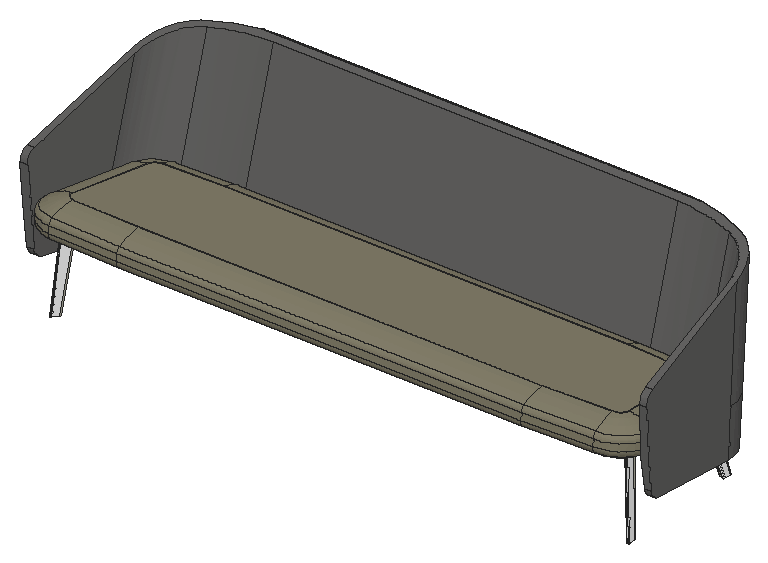
Revit family "Seating-Lounge-Teknion-STRC_Cover-R2013", category Furniture, Revit 2013
Parameters (values of type "Sofa")
  Width = 90.78125"
  Warranty = "http://www.teknionstudio.com/pdfs/Teknion%20Studio%20Warranty.pdf"
  Unit Weight = 240.00 lbf
  URL = "www.teknionstudio.com"
  Series = "Studio"
  Seat Upholstery Finish [instance] = Fabric - Teknion - H517 - Heather Felt - Mustard Seed
  Product Line = "Cover"
  Product Documentation Link = "http://www.teknionstudio.com/pricing/STRC_ppg.pdf"
  Part Number = "STRC"
  Model = "STRCC"
  Manufacturer Phone = "919-464-2920"
  Manufacturer Fax = "919-464-2927"
  Manufacturer Email = "customersupport@teknionstudio.com"
  Manufacturer Address = "3941 US 70 Business HWY West, Clayton, NC 27520"
  Manufacturer = "Teknion Studio"
  Low Emitting Material = yes
  Low Emitting Finish = yes
  Height = 29.600"
  Frame Finish [instance] = Metal - Teknion - C9 - Polished Aluminum
  Description = "Cover Sofa"
  Depth = 29.600"  # constant formula
  Back Upholstery Finish [instance] = Fabric - Teknion - H513 - Heather Felt - Pinon Tree
  Assembly Code = "E2020200"
Reference planes (in)
  plane 1 "Center F/B": y = 0
  plane 2: z = 0
  plane 3 "Center L/R": x = 0
  plane 4 "Top": z = 29.6
  plane 5: z = -0.03378
  plane 6: z = 0.19997
  plane 7 "Back": y = 16.11125
  plane 8 "Front": y = -13.48875
  plane 9: z = 12.39769
  plane 10: z = 10.50954
  plane 11 "Center Sloped Plane": through (0, -10.80954, 12.8858) normal (0, 0.0872, 0.9962)
  plane 12 "Left": x = -45.39063
  plane 13 "Right": x = 45.39062
  plane 14 "Top Sloped Plane": through (0, 38.1924, 27.67127) normal (0, 0.0872, 0.9962)
  plane 15 "Bottom Sloped Plane": through (0, 36.74931, 1.19629) normal (0, 0.0872, 0.9962)
  plane 16: x = -29.25
  plane 17: x = 29.25
  plane 18: y = -15.87481
  plane 19: y = -8.83784
  plane 20: x = -29.25
  plane 21: x = 29.25
  plane 22: y = -21.44003
  plane 23: y = -10.16342
  plane 24: x = -29.25
  plane 25: x = 29.25
  plane 26: y = -17.72364
  plane 27: y = -10.68667
  plane 28: y = -21.44003
  plane 29: y = -10.16342
  plane 30: x = -29.25
  plane 31: x = 29.25
  plane 32: y = 123.73263
  plane 33: y = -90.83311
  plane 34: x = 29.25
  plane 35: x = -29.25
Forms (in)
  Sweep 1, solid, material "Fabric - Teknion - H517 - Heather Felt - Mustard Seed" <- "Seat Upholstery Finish"
    path origin (0, -1.72803, 15.73813) x (-1, 0, 0) y (0, -0.996195, 0.087156)
      loop
        arc (-29.25, 7.67299) -> (-34.17855, 7.58206) -> (-39.10038, 7.3094) r 133.61289
        arc (-39.10038, 7.3094) -> (-39.96659, 6.86532) -> (-40.25164, 5.93459) r 1.25
        line (-40.25164, 5.93459) -> (-39.00325, -6.17276)
        arc (-39.00325, -6.17276) -> (-38.63758, -6.93454) -> (-37.8708, -7.28962) r 1.25
        arc (-37.8708, -7.28962) -> (-33.56466, -7.5771) -> (-29.25, -7.67299) r 97.11843
        line (-29.25, -7.67299) -> (29.25, -7.67299)
        arc (29.25, -7.67299) -> (33.56466, -7.5771) -> (37.8708, -7.28962) r 97.11843
        arc (37.8708, -7.28962) -> (38.63758, -6.93454) -> (39.00325, -6.17276) r 1.25
        line (39.00325, -6.17276) -> (40.25164, 5.93459)
        arc (40.25164, 5.93459) -> (39.96659, 6.86532) -> (39.10038, 7.3094) r 1.25
        arc (39.10038, 7.3094) -> (34.17855, 7.58206) -> (29.25, 7.67299) r 133.61289
        line (29.25, 7.67299) -> (-29.25, 7.67299)
    profile origin (0, -9.37183, 16.40687) x (0, -0.996195, 0.087156) y (0, 0.087156, 0.996195)
      loop
        line (0, -0.51075) -> (0, -5.76374)
        arc (0, -5.76374) -> (1.74056, -5.29495) -> (3.33882, -4.46134) r 8.29794
        arc (3.33882, -4.46134) -> (3.66485, -4.10133) -> (3.7828, -3.63017) r 1
        line (3.7828, -3.63017) -> (3.7828, -2.6428)
        arc (3.7828, -2.6428) -> (3.66474, -2.17142) -> (3.33841, -1.81135) r 1
        arc (3.33841, -1.81135) -> (1.74024, -0.97872) -> (0, -0.51075) r 8.29794
  Sweep 2, solid, material "Fabric - Teknion - H517 - Heather Felt - Mustard Seed" <- "Seat Upholstery Finish"
    path origin (0, -2.18789, -1.07314) x (1, 0, 0) y (0, 0.087156, 0.996195)
      loop
        line (0, 16.27662) -> (0, 11.02362)
    profile origin (0, -0.99821, 12.52504) x (1, 0, 0) y (0, -0.996195, 0.087156)
      loop
        arc (29.25, -6.6659) -> (33.56466, -6.57001) -> (37.8708, -6.28253) r 97.11843
        arc (37.8708, -6.28253) -> (38.63758, -5.92745) -> (39.00325, -5.16567) r 1.25
        line (39.00325, -5.16567) -> (40.25164, 6.94168)
        arc (40.25164, 6.94168) -> (39.96659, 7.87241) -> (39.10038, 8.31649) r 1.25
        arc (39.10038, 8.31649) -> (34.17855, 8.58915) -> (29.25, 8.68008) r 133.61289
        line (29.25, 8.68008) -> (-29.25, 8.68008)
        arc (-29.25, 8.68008) -> (-34.17855, 8.58915) -> (-39.10038, 8.31649) r 133.61289
        arc (-39.10038, 8.31649) -> (-39.96659, 7.87241) -> (-40.25164, 6.94168) r 1.25
        line (-40.25164, 6.94168) -> (-39.00325, -5.16567)
        arc (-39.00325, -5.16567) -> (-38.63758, -5.92745) -> (-37.8708, -6.28253) r 1.25
        arc (-37.8708, -6.28253) -> (-33.56466, -6.57001) -> (-29.25, -6.6659) r 97.11843
        line (-29.25, -6.6659) -> (29.25, -6.6659)
  Blend 3, solid, material "Metal - Teknion - C9 - Polished Aluminum" <- "Frame Finish"
    base sketch origin (0, 0, 29.6) x (-1, 0, 0) y (0, -1, 0)
      loop
        arc (40.20636, -8.93889) -> (40.13707, -9.01477) -> (40.1561, -9.11575) r 0.115
        line (40.1561, -9.11575) -> (40.72391, -9.86361)
        arc (40.72391, -9.86361) -> (40.78433, -9.90482) -> (40.85738, -9.90137) r 0.11526
        line (40.85738, -9.90137) -> (40.9759, -9.85541)
        arc (40.9759, -9.85541) -> (41.03247, -9.80811) -> (41.04868, -9.73617) r 0.115
        line (41.04868, -9.73617) -> (40.95106, -8.80738)
        arc (40.95106, -8.80738) -> (40.89672, -8.72131) -> (40.79536, -8.71208) r 0.115
        line (40.79536, -8.71208) -> (40.20636, -8.93889)
    top sketch origin (0, 0, 29.6) x (-1, 0, 0) y (0, -1, 0)
      loop
        arc (39.68301, -5.78986) -> (39.61214, -5.6776) -> (39.47993, -5.66556) r 0.15
        line (39.47993, -5.66556) -> (38.69931, -5.96617)
        arc (38.69931, -5.96617) -> (38.60893, -6.06514) -> (38.63374, -6.19685) r 0.15
        line (38.63374, -6.19685) -> (39.49234, -7.3277)
        arc (39.49234, -7.3277) -> (39.57097, -7.38133) -> (39.66605, -7.37684) r 0.15
        line (39.66605, -7.37684) -> (39.73569, -7.34983)
        arc (39.73569, -7.34983) -> (39.80948, -7.28813) -> (39.83062, -7.1943) r 0.15
        line (39.83062, -7.1943) -> (39.68301, -5.78986)
    from -29.6 to -19.09046
  SweptBlend 4, solid, material "Fabric - Teknion - H513 - Heather Felt - Pinon Tree" <- "Back Upholstery Finish"
    path origin (0, 0, 0) x (0, 1, 0) y (0, 0, 1)
      loop
        line (16.13827, 29.60075) -> (14.8127, 10.64415)
    profile origin (0, 16.13827, 29.60075) x (0, 0.997564, -0.069756) y (1, 0, 0)
      loop
        line (-26.99251, -45.4227) -> (-8.1595, -43.56759)
        arc (-8.1595, -43.56759) -> (-4.45353, -42.14738) -> (-1.99119, -39.03481) r 7.5
        arc (-1.99119, -39.03481) -> (-0.50285, -34.24268) -> (0, -29.25) r 25.0371
        line (0, -29.25) -> (0, 29.25)
        arc (0, 29.25) -> (-0.50285, 34.24268) -> (-1.99119, 39.03481) r 25.0371
        arc (-1.99119, 39.03481) -> (-4.45353, 42.14738) -> (-8.1595, 43.56759) r 7.5
        line (-8.1595, 43.56759) -> (-26.99251, 45.4227) -> (-26.99251, 44.66183) -> (-8.39843, 42.83026)
        arc (-8.39843, 42.83026) -> (-4.60449, 41.24248) -> (-2.35711, 37.79801) r 7
        arc (-2.35711, 37.79801) -> (-1.45536, 33.56622) -> (-1.1528, 29.25) r 30.93845
        line (-1.1528, 29.25) -> (-1.1528, -29.25)
        arc (-1.1528, -29.25) -> (-1.45536, -33.56622) -> (-2.35711, -37.79801) r 30.93845
        arc (-2.35711, -37.79801) -> (-4.60449, -41.24248) -> (-8.39843, -42.83026) r 7
        line (-8.39843, -42.83026) -> (-26.99251, -44.66183) -> (-26.99251, -45.4227)
    end profile origin (0, 14.8127, 10.64415) x (0, 0.997564, -0.069756) y (1, 0, 0)
      loop
        line (-26.99251, -45.4227) -> (-8.1595, -43.56759)
        arc (-8.1595, -43.56759) -> (-4.45353, -42.14738) -> (-1.99119, -39.03481) r 7.5
        arc (-1.99119, -39.03481) -> (-0.50285, -34.24268) -> (0, -29.25) r 25.0371
        line (0, -29.25) -> (0, 29.25)
        arc (0, 29.25) -> (-0.50285, 34.24268) -> (-1.99119, 39.03481) r 25.0371
        arc (-1.99119, 39.03481) -> (-4.45353, 42.14738) -> (-8.1595, 43.56759) r 7.5
        line (-8.1595, 43.56759) -> (-26.99251, 45.4227) -> (-26.99251, 44.2432) -> (-12.64843, 42.83026)
        arc (-12.64843, 42.83026) -> (-8.85449, 41.24248) -> (-6.60711, 37.79801) r 7
        arc (-6.60711, 37.79801) -> (-5.70536, 33.56622) -> (-5.4028, 29.25) r 30.93845
        line (-5.4028, 29.25) -> (-5.4028, -29.25)
        arc (-5.4028, -29.25) -> (-5.70536, -33.56622) -> (-6.60711, -37.79801) r 30.93845
        arc (-6.60711, -37.79801) -> (-8.85449, -41.24248) -> (-12.64843, -42.83026) r 7
        line (-12.64843, -42.83026) -> (-26.99251, -44.2432) -> (-26.99251, -45.4227)
  SweptBlend 5, solid, material "Fabric - Teknion - H513 - Heather Felt - Pinon Tree" <- "Back Upholstery Finish"
    path origin (0, 0, 0) x (0, 1, 0) y (0, 0, 1)
      loop
        line (14.8127, 10.64415) -> (14.28945, 3.16128)
    profile origin (0, 14.8127, 10.64415) x (0, 0.997564, -0.069756) y (1, 0, 0)
      loop
        line (-5.4028, 29.25) -> (-5.4028, -29.25)
        arc (-5.4028, -29.25) -> (-5.70536, -33.56622) -> (-6.60711, -37.79801) r 30.93845
        arc (-6.60711, -37.79801) -> (-8.85449, -41.24248) -> (-12.64843, -42.83026) r 7
        line (-12.64843, -42.83026) -> (-25.20152, -44.06678) -> (-25.20152, -45.24629) -> (-8.1595, -43.56759)
        arc (-8.1595, -43.56759) -> (-4.45353, -42.14738) -> (-1.99119, -39.03481) r 7.5
        arc (-1.99119, -39.03481) -> (-0.50285, -34.24268) -> (0, -29.25) r 25.0371
        line (0, -29.25) -> (0, 29.25)
        arc (0, 29.25) -> (-0.50285, 34.24268) -> (-1.99119, 39.03481) r 25.0371
        arc (-1.99119, 39.03481) -> (-4.45353, 42.14738) -> (-8.1595, 43.56759) r 7.5
        line (-8.1595, 43.56759) -> (-25.20152, 45.24629) -> (-25.20152, 44.06678) -> (-12.64843, 42.83026)
        arc (-12.64843, 42.83026) -> (-8.85449, 41.24248) -> (-6.60711, 37.79801) r 7
        arc (-6.60711, 37.79801) -> (-5.70536, 33.56622) -> (-5.4028, 29.25) r 30.93845
    end profile origin (0, 14.28945, 3.16128) x (0, 0.997564, -0.069756) y (1, 0, 0)
      loop
        line (-26.99251, -44.66183) -> (-26.99251, -45.4227) -> (-8.1595, -43.56759)
        arc (-8.1595, -43.56759) -> (-4.45353, -42.14738) -> (-1.99119, -39.03481) r 7.5
        arc (-1.99119, -39.03481) -> (-0.50285, -34.24268) -> (0, -29.25) r 25.0371
        line (0, -29.25) -> (0, 29.25)
        arc (0, 29.25) -> (-0.50285, 34.24268) -> (-1.99119, 39.03481) r 25.0371
        arc (-1.99119, 39.03481) -> (-4.45353, 42.14738) -> (-8.1595, 43.56759) r 7.5
        line (-8.1595, 43.56759) -> (-26.99251, 45.4227) -> (-26.99251, 44.66183) -> (-8.39843, 42.83026)
        arc (-8.39843, 42.83026) -> (-4.60449, 41.24248) -> (-2.35711, 37.79801) r 7
        arc (-2.35711, 37.79801) -> (-1.45536, 33.56622) -> (-1.1528, 29.25) r 30.93845
        line (-1.1528, 29.25) -> (-1.1528, -29.25)
        arc (-1.1528, -29.25) -> (-1.45536, -33.56622) -> (-2.35711, -37.79801) r 30.93845
        arc (-2.35711, -37.79801) -> (-4.60449, -41.24248) -> (-8.39843, -42.83026) r 7
        line (-8.39843, -42.83026) -> (-26.99251, -44.66183)
  Sweep 6, void
    path origin (0, 0, 0) x (1, 0, 0) y (0, 1, 0)
      loop
        line (-48.33893, 0) -> (48.33893, 0)
    profile origin (0, 0, 0) x (0, 1, 0) y (0, 0, 1)
      loop
        line (16.11125, 29.64263) -> (16.11125, 31.96622) -> (-13.75, 31.96622) -> (-13.75, -0.03378) -> (16.11125, -0.03378) -> (16.11125, 3.0551) -> (-8.26774, 6.48135)
        arc (-8.26774, 6.48135) -> (-9.25297, 6.96829) -> (-9.75359, 7.94664) r 1.75
        arc (-9.75359, 7.94664) -> (-10.44354, 13.61127) -> (-10.76569, 19.30866) r 88.19034
        arc (-10.76569, 19.30866) -> (-10.44937, 20.35513) -> (-9.57374, 21.00968) r 1.75
        line (-9.57374, 21.00968) -> (16.11125, 29.64263)
  Blend 7, solid, material "Metal - Teknion - C9 - Polished Aluminum" <- "Frame Finish"
    base sketch origin (0, 0, 29.6) x (1, 0, 0) y (0, 1, 0)
      loop
        line (40.20636, 8.93889) -> (40.79536, 8.71208)
        arc (40.79536, 8.71208) -> (40.89672, 8.72131) -> (40.95106, 8.80738) r 0.115
        line (40.95106, 8.80738) -> (41.04868, 9.73617)
        arc (41.04868, 9.73617) -> (41.03247, 9.80811) -> (40.9759, 9.85541) r 0.115
        line (40.9759, 9.85541) -> (40.85738, 9.90137)
        arc (40.85738, 9.90137) -> (40.78433, 9.90482) -> (40.72391, 9.86361) r 0.11526
        line (40.72391, 9.86361) -> (40.1561, 9.11575)
        arc (40.1561, 9.11575) -> (40.13707, 9.01477) -> (40.20636, 8.93889) r 0.115
    top sketch origin (0, 0, 29.6) x (1, 0, 0) y (0, 1, 0)
      loop
        line (39.68301, 5.78986) -> (39.83062, 7.1943)
        arc (39.83062, 7.1943) -> (39.80948, 7.28813) -> (39.73569, 7.34983) r 0.15
        line (39.73569, 7.34983) -> (39.66605, 7.37684)
        arc (39.66605, 7.37684) -> (39.57097, 7.38133) -> (39.49234, 7.3277) r 0.15
        line (39.49234, 7.3277) -> (38.63374, 6.19685)
        arc (38.63374, 6.19685) -> (38.60893, 6.06514) -> (38.69931, 5.96617) r 0.15
        line (38.69931, 5.96617) -> (39.47993, 5.66556)
        arc (39.47993, 5.66556) -> (39.61214, 5.6776) -> (39.68301, 5.78986) r 0.15
    from -29.6 to -19.09046
  Blend 8, solid, material "Metal - Teknion - C9 - Polished Aluminum" <- "Frame Finish"
    base sketch origin (0, 0, 29.6) x (-1, 0, 0) y (0, -1, 0)
      loop
        line (41.11261, 8.81389) -> (41.70161, 8.58708)
        arc (41.70161, 8.58708) -> (41.80297, 8.59631) -> (41.85731, 8.68238) r 0.115
        line (41.85731, 8.68238) -> (41.95493, 9.61117)
        arc (41.95493, 9.61117) -> (41.93872, 9.68311) -> (41.88215, 9.73041) r 0.115
        line (41.88215, 9.73041) -> (41.76363, 9.77637)
        arc (41.76363, 9.77637) -> (41.69058, 9.77982) -> (41.63016, 9.73861) r 0.11526
        line (41.63016, 9.73861) -> (41.06235, 8.99075)
        arc (41.06235, 8.99075) -> (41.04332, 8.88977) -> (41.11261, 8.81389) r 0.115
    top sketch origin (0, 0, 29.6) x (-1, 0, 0) y (0, -1, 0)
      loop
        line (40.71426, 7.28986) -> (40.86187, 8.6943)
        arc (40.86187, 8.6943) -> (40.84073, 8.78813) -> (40.76694, 8.84983) r 0.15
        line (40.76694, 8.84983) -> (40.6973, 8.87684)
        arc (40.6973, 8.87684) -> (40.60222, 8.88133) -> (40.52359, 8.8277) r 0.15
        line (40.52359, 8.8277) -> (39.66499, 7.69685)
        arc (39.66499, 7.69685) -> (39.64018, 7.56514) -> (39.73056, 7.46617) r 0.15
        line (39.73056, 7.46617) -> (40.51118, 7.16556)
        arc (40.51118, 7.16556) -> (40.64339, 7.1776) -> (40.71426, 7.28986) r 0.15
    from -29.6 to -17.20231
  Blend 9, solid, material "Metal - Teknion - C9 - Polished Aluminum" <- "Frame Finish"
    base sketch origin (0, 0, 29.6) x (1, 0, 0) y (0, 1, 0)
      loop
        arc (41.11261, -8.81389) -> (41.04332, -8.88977) -> (41.06235, -8.99075) r 0.115
        line (41.06235, -8.99075) -> (41.63016, -9.73861)
        arc (41.63016, -9.73861) -> (41.69058, -9.77982) -> (41.76363, -9.77637) r 0.11526
        line (41.76363, -9.77637) -> (41.88215, -9.73041)
        arc (41.88215, -9.73041) -> (41.93872, -9.68311) -> (41.95493, -9.61117) r 0.115
        line (41.95493, -9.61117) -> (41.85731, -8.68238)
        arc (41.85731, -8.68238) -> (41.80297, -8.59631) -> (41.70161, -8.58708) r 0.115
        line (41.70161, -8.58708) -> (41.11261, -8.81389)
    top sketch origin (0, 0, 29.6) x (1, 0, 0) y (0, 1, 0)
      loop
        arc (40.71426, -7.28986) -> (40.64339, -7.1776) -> (40.51118, -7.16556) r 0.15
        line (40.51118, -7.16556) -> (39.73056, -7.46617)
        arc (39.73056, -7.46617) -> (39.64018, -7.56514) -> (39.66499, -7.69685) r 0.15
        line (39.66499, -7.69685) -> (40.52359, -8.8277)
        arc (40.52359, -8.8277) -> (40.60222, -8.88133) -> (40.6973, -8.87684) r 0.15
        line (40.6973, -8.87684) -> (40.76694, -8.84983)
        arc (40.76694, -8.84983) -> (40.84073, -8.78813) -> (40.86187, -8.6943) r 0.15
        line (40.86187, -8.6943) -> (40.71426, -7.28986)
    from -29.6 to -17.20231
Cuts and joins
  Sweep 6 cuts SweptBlend 4
  Sweep 6 cuts SweptBlend 5
  joined: SweptBlend 4, SweptBlend 5
Lines and regions (in)
  Masking region 1
    outline origin (0, 0, 29.6) x (-1, 0, 0) y (0, -1, 0)
      loop
        spline (30.50688, -16.11125) -> (31.24168, -16.06116) -> (31.97446, -15.98928) -> (32.70451, -15.89567) -> (33.4311, -15.78043) -> (34.15353, -15.64366) -> (34.87109, -15.4855) -> (35.58306, -15.30611) -> (36.28876, -15.10567) -> (36.98748, -14.88437) -> (37.67854, -14.64242) -> (38.36127, -14.38007) -> (39.03499, -14.09757)
        spline (39.03499, -14.09757) -> (39.64265, -13.79845) -> (40.21563, -13.44971) -> (40.75601, -13.04949) -> (41.26333, -12.59818) -> (41.72719, -12.10511) -> (42.14713, -11.56967) -> (42.51941, -10.99839) -> (42.83934, -10.39651) -> (43.10731, -9.76475) -> (43.31788, -9.11601) -> (43.471, -8.45035) -> (43.56759, -7.76563)
        line (43.56759, -7.76563) -> (45.23137, 9.57374)
        spline (45.23137, 9.57374) -> (45.24784, 9.7461) -> (45.26339, 9.91037) -> (45.27784, 10.06461) -> (45.29102, 10.2071) -> (45.30279, 10.33622) -> (45.31302, 10.45051) -> (45.32158, 10.54866) -> (45.32838, 10.62958) -> (45.33334, 10.69235) -> (45.33641, 10.73625) -> (45.33756, 10.76079) -> (45.33676, 10.76569)
        line (45.33676, 10.76569) -> (44.30841, 10.76569)
        spline (44.30841, 10.76569) -> (44.29024, 10.74989) -> (44.27172, 10.73031) -> (44.25283, 10.70696) -> (44.23358, 10.67985) -> (44.21398, 10.64897) -> (44.19402, 10.61432) -> (44.1737, 10.57591) -> (44.15302, 10.53373) -> (44.13199, 10.48779) -> (44.11061, 10.43809) -> (44.08887, 10.38464) -> (44.06678, 10.32743)
        line (44.06678, 10.32743) -> (43.95513, 9.1967)
        arc (43.95513, 9.1967) -> (42.43357, 11.79973) -> (39.69202, 13.05465) r 5
        arc (39.69202, 13.05465) -> (34.47552, 13.38018) -> (29.25, 13.48875) r 125.8046
        line (29.25, 13.48875) -> (-29.25, 13.48875)
        arc (-29.25, 13.48875) -> (-34.47552, 13.38018) -> (-39.69202, 13.05465) r 125.8046
        arc (-39.69202, 13.05465) -> (-42.43357, 11.79973) -> (-43.95513, 9.1967) r 5
        line (-43.95513, 9.1967) -> (-44.06678, 10.32743)
        spline (-44.06678, 10.32743) -> (-44.08887, 10.38464) -> (-44.11061, 10.43809) -> (-44.13199, 10.48779) -> (-44.15302, 10.53373) -> (-44.1737, 10.57591) -> (-44.19402, 10.61432) -> (-44.21398, 10.64897) -> (-44.23358, 10.67985) -> (-44.25283, 10.70696) -> (-44.27172, 10.73031) -> (-44.29024, 10.74989) -> (-44.30841, 10.76569)
        line (-44.30841, 10.76569) -> (-45.33677, 10.76569)
        spline (-45.33677, 10.76569) -> (-45.33756, 10.76073) -> (-45.33641, 10.7362) -> (-45.33334, 10.69238) -> (-45.32839, 10.62977) -> (-45.32161, 10.54907) -> (-45.31308, 10.45118) -> (-45.30288, 10.33723) -> (-45.29115, 10.20848) -> (-45.278, 10.06639) -> (-45.2636, 9.91256) -> (-45.24809, 9.74873) -> (-45.23166, 9.57675)
        line (-45.23166, 9.57675) -> (-43.56759, -7.76563)
        spline (-43.56759, -7.76563) -> (-43.47102, -8.4503) -> (-43.31797, -9.11582) -> (-43.10731, -9.76477) -> (-42.83928, -10.3966) -> (-42.51946, -10.99833) -> (-42.14712, -11.56968) -> (-41.72723, -12.10504) -> (-41.26326, -12.59826) -> (-40.75599, -13.0495) -> (-40.21578, -13.44957) -> (-39.64269, -13.79841) -> (-39.03499, -14.09757)
        spline (-39.03499, -14.09757) -> (-38.36127, -14.38007) -> (-37.67854, -14.64242) -> (-36.98748, -14.88437) -> (-36.28876, -15.10567) -> (-35.58306, -15.30611) -> (-34.87109, -15.4855) -> (-34.15353, -15.64366) -> (-33.4311, -15.78043) -> (-32.70451, -15.89567) -> (-31.97446, -15.98928) -> (-31.24168, -16.06116) -> (-30.50688, -16.11125)
        line (-30.50688, -16.11125) -> (30.50688, -16.11125)
  symbolic lines, style "Furniture", detail levels medium+fine
    curve 1: line (-29.26998, 14.29982, 29.6) -> (29.26998, 14.29982, 29.6)
    curve 2: line (-37.79813, 11.77615, 29.6) -> (-42.83026, 5.53176, 29.6)
    curve 3: line (-42.83026, 5.53176, 29.6) -> (-44.14532, -8.26774, 29.6)
    curve 4: spline (-44.14531, -8.26771, 29.6) -> (-44.16205, -8.44829, 29.6) -> (-44.17741, -8.62429, 29.6) -> (-44.1912, -8.79372, 29.6) -> (-44.20326, -8.9547, 29.6) -> (-44.21348, -9.10543, 29.6) -> (-44.22172, -9.2442, 29.6) -> (-44.2279, -9.36947, 29.6) -> (-44.23196, -9.47983, 29.6) -> (-44.23383, -9.57405, 29.6) -> (-44.23351, -9.65107, 29.6) -> (-44.23099, -9.71003, 29.6) -> (-44.22631, -9.75026, 29.6)
    curve 5: spline (-44.22631, -9.75026, 29.6) -> (-44.21396, -9.80711, 29.6) -> (-44.20145, -9.86237, 29.6) -> (-44.18876, -9.91604, 29.6) -> (-44.17589, -9.96812, 29.6) -> (-44.16285, -10.01861, 29.6) -> (-44.14965, -10.06751, 29.6) -> (-44.13626, -10.11481, 29.6) -> (-44.12271, -10.16053, 29.6) -> (-44.10898, -10.20465, 29.6) -> (-44.09509, -10.24717, 29.6) -> (-44.08102, -10.2881, 29.6) -> (-44.06678, -10.32743, 29.6)
    curve 6: spline (-29.32038, 13.02112, 29.6) -> (-30.03699, 13.01073, 29.6) -> (-30.75314, 12.98324, 29.6) -> (-31.4684, 12.93866, 29.6) -> (-32.18238, 12.87703, 29.6) -> (-32.89465, 12.79837, 29.6) -> (-33.6048, 12.70273, 29.6) -> (-34.31241, 12.59017, 29.6) -> (-35.01708, 12.46075, 29.6) -> (-35.71839, 12.31455, 29.6) -> (-36.41594, 12.15165, 29.6) -> (-37.10932, 11.97215, 29.6) -> (-37.79813, 11.77615, 29.6)
    curve 7: line (29.32038, 13.02112, 29.6) -> (-29.32038, 13.02112, 29.6)
    curve 8: spline (37.79813, 11.77615, 29.6) -> (37.10932, 11.97215, 29.6) -> (36.41594, 12.15165, 29.6) -> (35.71839, 12.31455, 29.6) -> (35.01708, 12.46075, 29.6) -> (34.31241, 12.59017, 29.6) -> (33.6048, 12.70273, 29.6) -> (32.89465, 12.79837, 29.6) -> (32.18238, 12.87703, 29.6) -> (31.46841, 12.93866, 29.6) -> (30.75314, 12.98324, 29.6) -> (30.03699, 13.01073, 29.6) -> (29.32038, 13.02112, 29.6)
    curve 9: line (42.83026, 5.53176, 29.6) -> (37.79813, 11.77615, 29.6)
    curve 10: line (44.14532, -8.26774, 29.6) -> (42.83026, 5.53176, 29.6)
    curve 11: spline (44.22631, -9.75026, 29.6) -> (44.23099, -9.71003, 29.6) -> (44.23351, -9.65107, 29.6) -> (44.23383, -9.57405, 29.6) -> (44.23196, -9.47983, 29.6) -> (44.2279, -9.36947, 29.6) -> (44.22172, -9.2442, 29.6) -> (44.21348, -9.10543, 29.6) -> (44.20326, -8.9547, 29.6) -> (44.1912, -8.79372, 29.6) -> (44.17741, -8.62429, 29.6) -> (44.16205, -8.44829, 29.6) -> (44.14531, -8.26771, 29.6)
    curve 12: spline (44.06678, -10.32743, 29.6) -> (44.08102, -10.2881, 29.6) -> (44.09509, -10.24717, 29.6) -> (44.10898, -10.20465, 29.6) -> (44.12271, -10.16053, 29.6) -> (44.13626, -10.11481, 29.6) -> (44.14965, -10.06751, 29.6) -> (44.16285, -10.01861, 29.6) -> (44.17589, -9.96812, 29.6) -> (44.18876, -9.91604, 29.6) -> (44.20145, -9.86237, 29.6) -> (44.21396, -9.80711, 29.6) -> (44.22631, -9.75026, 29.6)
  symbolic lines, style "Furniture"
    curve 13: spline (-42.83026, 2.19508, 29.6) -> (-42.72779, 2.88126, 29.6) -> (-42.55758, 3.55391, 29.6) -> (-42.32129, 4.20639, 29.6) -> (-42.02127, 4.83226, 29.6) -> (-41.66048, 5.42534, 29.6) -> (-41.24247, 5.97978, 29.6) -> (-40.77138, 6.49011, 29.6) -> (-40.25185, 6.95128, 29.6) -> (-39.68901, 7.35875, 29.6) -> (-39.08842, 7.7085, 29.6) -> (-38.45601, 7.99706, 29.6) -> (-37.79801, 8.22161, 29.6)
    curve 14: spline (-37.79801, 8.22161, 29.6) -> (-37.10212, 8.41245, 29.6) -> (-36.40195, 8.58705, 29.6) -> (-35.6979, 8.74531, 29.6) -> (-34.99033, 8.88714, 29.6) -> (-34.27964, 9.01246, 29.6) -> (-33.56622, 9.12122, 29.6) -> (-32.85044, 9.21334, 29.6) -> (-32.13271, 9.28879, 29.6) -> (-31.4134, 9.34751, 29.6) -> (-30.69292, 9.38947, 29.6) -> (-29.97166, 9.41466, 29.6) -> (-29.25, 9.42306, 29.6)
    curve 15: line (-29.25, 9.42306, 29.6) -> (29.25, 9.42306, 29.6)
    curve 16: spline (29.25, 9.42306, 29.6) -> (29.97166, 9.41466, 29.6) -> (30.69292, 9.38947, 29.6) -> (31.4134, 9.34751, 29.6) -> (32.13271, 9.28879, 29.6) -> (32.85044, 9.21336, 29.6) -> (33.56622, 9.12124, 29.6) -> (34.27964, 9.01249, 29.6) -> (34.99033, 8.88717, 29.6) -> (35.6979, 8.74535, 29.6) -> (36.40195, 8.5871, 29.6) -> (37.10212, 8.41251, 29.6) -> (37.79801, 8.22168, 29.6)
    curve 17: spline (37.79801, 8.22168, 29.6) -> (38.45601, 7.99712, 29.6) -> (39.08843, 7.70854, 29.6) -> (39.68902, 7.35878, 29.6) -> (40.25186, 6.9513, 29.6) -> (40.77139, 6.49012, 29.6) -> (41.24248, 5.97978, 29.6) -> (41.66048, 5.42534, 29.6) -> (42.02128, 4.83225, 29.6) -> (42.32129, 4.20638, 29.6) -> (42.55758, 3.5539, 29.6) -> (42.72779, 2.88126, 29.6) -> (42.83026, 2.19508, 29.6)
    curve 18: line (42.83026, 2.19508, 29.6) -> (43.95513, -9.1967, 29.6)
    curve 19: line (-43.95513, -9.1967, 29.6) -> (-42.83026, 2.19508, 29.6)
  symbolic lines, style "FurnitureHiddenLines", detail levels fine
    curve 20: arc (-38.69946, 5.96611, 29.6) -> (-38.6191, 6.03853, 29.6) -> (-38.60826, 6.14616, 29.6) r 0.15016
    curve 21: line (-39.47993, 5.66556, 29.6) -> (-38.69946, 5.96611, 29.6)
    curve 22: arc (-39.66663, 5.73579, 29.6) -> (-39.58664, 5.66514, 29.6) -> (-39.47993, 5.66556, 29.6) r 0.15
    curve 23: line (-40.94272, 8.77487, 29.6) -> (-39.66663, 5.73579, 29.6)
    curve 24: arc (-40.1561, 9.11575, 29.6) -> (-40.15057, 9.10779, 29.6) -> (-40.14573, 9.0994, 29.6) r 0.115
    curve 25: arc (-40.94272, 8.77487, 29.6) -> (-40.94808, 8.79082, 29.6) -> (-40.95106, 8.80738, 29.6) r 0.115
    curve 26: line (-40.95106, 8.80738, 29.6) -> (-41.04868, 9.73617, 29.6)
    curve 27: arc (-41.04868, 9.73617, 29.6) -> (-41.03247, 9.80811, 29.6) -> (-40.9759, 9.85541, 29.6) r 0.115
    curve 28: line (-40.9759, 9.85541, 29.6) -> (-40.85738, 9.90137, 29.6)
    curve 29: arc (-40.85738, 9.90137, 29.6) -> (-40.78433, 9.90482, 29.6) -> (-40.72391, 9.86361, 29.6) r 0.11526
    curve 30: line (-40.72391, 9.86361, 29.6) -> (-40.1561, 9.11575, 29.6)
    curve 31: arc (-40.51118, -7.16556, 29.6) -> (-40.59525, -7.15861, 29.6) -> (-40.66978, -7.19812, 29.6) r 0.15
    curve 32: line (-39.73056, -7.46617, 29.6) -> (-40.51118, -7.16556, 29.6)
    curve 33: arc (-39.66499, -7.69685, 29.6) -> (-39.64018, -7.56514, 29.6) -> (-39.73056, -7.46617, 29.6) r 0.15
    curve 34: line (-40.52359, -8.8277, 29.6) -> (-39.66499, -7.69685, 29.6)
    curve 35: arc (-40.5478, -8.85286, 29.6) -> (-40.53496, -8.84099, 29.6) -> (-40.52359, -8.8277, 29.6) r 0.15
    curve 36: line (-40.66978, -7.19812, 29.6) -> (-41.83202, -8.62167, 29.6)
    curve 37: line (-41.64876, -9.75795, 29.6) -> (-40.5478, -8.85286, 29.6)
    curve 38: arc (-41.64876, -9.75795, 29.6) -> (-41.7037, -9.78272, 29.6) -> (-41.76363, -9.77637, 29.6) r 0.11526
    curve 39: line (-41.76363, -9.77637, 29.6) -> (-41.88215, -9.73041, 29.6)
    curve 40: arc (-41.88215, -9.73041, 29.6) -> (-41.93872, -9.68311, 29.6) -> (-41.95493, -9.61117, 29.6) r 0.115
    curve 41: line (-41.95493, -9.61117, 29.6) -> (-41.85731, -8.68238, 29.6)
    curve 42: arc (-41.85731, -8.68238, 29.6) -> (-41.8491, -8.65017, 29.6) -> (-41.83202, -8.62167, 29.6) r 0.115
    curve 43: line (38.69931, 5.96617, 29.6) -> (39.47993, 5.66556, 29.6)
    curve 44: arc (39.47993, 5.66556, 29.6) -> (39.59265, 5.66755, 29.6) -> (39.67214, 5.74749, 29.6) r 0.15
    curve 45: line (39.67214, 5.74749, 29.6) -> (40.94273, 8.77489, 29.6)
    curve 46: arc (38.62022, 6.17553, 29.6) -> (38.61289, 6.05314, 29.6) -> (38.69931, 5.96617, 29.6) r 0.15
    curve 47: line (40.14573, 9.09941, 29.6) -> (38.62022, 6.17553, 29.6)
    curve 48: arc (40.95106, 8.80738, 29.6) -> (40.94808, 8.79083, 29.6) -> (40.94273, 8.77489, 29.6) r 0.115
    curve 49: line (41.04868, 9.73617, 29.6) -> (40.95106, 8.80738, 29.6)
    curve 50: arc (40.9759, 9.85541, 29.6) -> (41.03247, 9.80811, 29.6) -> (41.04868, 9.73617, 29.6) r 0.115
    curve 51: line (40.85738, 9.90137, 29.6) -> (40.9759, 9.85541, 29.6)
    curve 52: arc (40.72391, 9.86361, 29.6) -> (40.78433, 9.90482, 29.6) -> (40.85738, 9.90137, 29.6) r 0.11526
    curve 53: line (40.1561, 9.11575, 29.6) -> (40.72391, 9.86361, 29.6)
    curve 54: arc (40.14573, 9.09941, 29.6) -> (40.15057, 9.1078, 29.6) -> (40.1561, 9.11575, 29.6) r 0.115
    curve 55: line (-38.60826, 6.14616, 29.6) -> (-40.14573, 9.0994, 29.6)
    curve 56: line (-38.63479, 6.19711, 29.6) -> (-39.49234, 7.3277, 29.6)
    curve 57: line (-39.83062, 7.1943, 29.6) -> (-39.68301, 5.78986, 29.6)
    curve 58: arc (-39.73569, 7.34983, 29.6) -> (-39.80948, 7.28813, 29.6) -> (-39.83062, 7.1943, 29.6) r 0.15
    curve 59: arc (-39.49234, 7.3277, 29.6) -> (-39.57097, 7.38133, 29.6) -> (-39.66605, 7.37684, 29.6) r 0.15
    curve 60: line (-39.66605, 7.37684, 29.6) -> (-39.73569, 7.34983, 29.6)
    curve 61: line (39.68327, 5.7923, 29.6) -> (39.83062, 7.1943, 29.6)
    curve 62: line (39.49234, 7.3277, 29.6) -> (38.6266, 6.18744, 29.6)
    curve 63: arc (39.66605, 7.37684, 29.6) -> (39.57097, 7.38133, 29.6) -> (39.49234, 7.3277, 29.6) r 0.15
    curve 64: arc (39.83062, 7.1943, 29.6) -> (39.80948, 7.28813, 29.6) -> (39.73569, 7.34983, 29.6) r 0.15
    curve 65: line (39.73569, 7.34983, 29.6) -> (39.66605, 7.37684, 29.6)
    curve 66: line (-40.71426, -7.28986, 29.6) -> (-40.86187, -8.6943, 29.6)
    curve 67: arc (-40.86187, -8.6943, 29.6) -> (-40.84073, -8.78813, 29.6) -> (-40.76694, -8.84983, 29.6) r 0.15
    curve 68: line (-40.76694, -8.84983, 29.6) -> (-40.6973, -8.87684, 29.6)
    curve 69: arc (-40.6973, -8.87684, 29.6) -> (-40.62807, -8.88624, 29.6) -> (-40.56209, -8.86327, 29.6) r 0.15
    curve 70: arc (-40.66978, -7.19812, 29.6) -> (-40.70005, -7.2401, 29.6) -> (-40.71426, -7.28986, 29.6) r 0.15
    curve 75: line (40.51118, -7.16556, 29.6) -> (39.73056, -7.46617, 29.6)
    curve 76: arc (40.71426, -7.28986, 29.6) -> (40.64339, -7.1776, 29.6) -> (40.51118, -7.16556, 29.6) r 0.15
    curve 77: line (40.86187, -8.6943, 29.6) -> (40.71426, -7.28986, 29.6)
    curve 78: arc (40.76694, -8.84983, 29.6) -> (40.84073, -8.78813, 29.6) -> (40.86187, -8.6943, 29.6) r 0.15
    curve 79: line (40.6973, -8.87684, 29.6) -> (40.76694, -8.84983, 29.6)
    curve 80: arc (40.52359, -8.8277, 29.6) -> (40.60222, -8.88133, 29.6) -> (40.6973, -8.87684, 29.6) r 0.15
    curve 81: line (39.66499, -7.69685, 29.6) -> (40.52359, -8.8277, 29.6)
    curve 82: arc (39.73056, -7.46617, 29.6) -> (39.64018, -7.56514, 29.6) -> (39.66499, -7.69685, 29.6) r 0.15
    curve 83: arc (41.76363, -9.77637, 29.6) -> (41.7037, -9.78272, 29.6) -> (41.64876, -9.75795, 29.6) r 0.11526
    curve 84: line (41.88215, -9.73041, 29.6) -> (41.76363, -9.77637, 29.6)
    curve 85: arc (41.95493, -9.61117, 29.6) -> (41.93872, -9.68311, 29.6) -> (41.88215, -9.73041, 29.6) r 0.115
    curve 86: line (41.85731, -8.68238, 29.6) -> (41.95493, -9.61117, 29.6)
    curve 87: arc (41.83203, -8.62168, 29.6) -> (41.8491, -8.65018, 29.6) -> (41.85731, -8.68238, 29.6) r 0.115
    curve 88: line (40.67112, -7.19945, 29.6) -> (41.83203, -8.62168, 29.6)
    curve 89: line (40.55097, -8.8554, 29.6) -> (41.64876, -9.75795, 29.6)
  symbolic lines, detail levels medium+fine
    curve 71: arc (-37.43881, 13.1631, 29.6) -> (-41.81238, 10.59594, 29.6) -> (-43.74587, 5.90766, 29.6) r 7.95463
    curve 73: arc (37.43881, 13.1631, 29.6) -> (41.81238, 10.59594, 29.6) -> (43.74587, 5.90766, 29.6) r 7.95463
  symbolic lines, style "Furniture", detail levels fine
    curve 72: arc (-29.26998, 14.29982, 29.6) -> (-33.39375, 14.01428, 29.6) -> (-37.43881, 13.1631, 29.6) r 29.92007
    curve 74: arc (29.26998, 14.29982, 29.6) -> (33.39375, 14.01428, 29.6) -> (37.43881, 13.1631, 29.6) r 29.92007
Dimensions and locks (in)
  locked: plane 2 to plane 5 at 0.03378
  locked: plane 6 to plane 2 at 0.19997
  "Depth": plane 8 "Front" to plane 7 "Back"
  Sweep 2 to Sweep 2 = 5.25299"
  Sweep 2 sketch curve to plane 11 "Center Sloped Plane" to Sweep 2 sketch curve = 3.12222" locked, 2.13077" locked
  plane 7 "Back" to plane 1 "Center F/B" to plane 8 "Front" = 16.11125" locked, 13.48875" locked
  equal spacing: plane 12 "Left", plane 3 "Center L/R", plane 13 "Right"
  "Width": plane 12 "Left" to plane 13 "Right"
  plane 14 "Top Sloped Plane" to plane 11 "Center Sloped Plane" to plane 15 "Bottom Sloped Plane" = 19.000" locked, 7.500" locked
  locked: plane 5 to Sweep 6 sketch curve at 32
  locked: SweptBlend 4 sketch curve to plane 1 "Center F/B" at 16.13827
  locked: SweptBlend 4 sketch curve to plane 1 "Center F/B" at 14.8127
  locked: SweptBlend 5 sketch curve to plane 1 "Center F/B" at 14.8127
  locked: SweptBlend 5 sketch curve to plane 1 "Center F/B" at 14.28945
  locked: plane 9 to plane 2 at 12.39769
  locked: plane 10 to plane 2 at 10.50954
  "Height": plane 4 "Top" to plane 2
  equal spacing: plane 16, plane 3 "Center L/R", plane 17
  locked: plane 16 to plane 17 at 58.5
  plane 18 to plane 8 "Front" to plane 19 = 2.38606" locked, 4.65091" locked
  SweptBlend 4 sketch curve to SweptBlend 4 sketch curve to plane 16 = 0.23974" locked, 6.61398" locked
  SweptBlend 4 sketch curve to SweptBlend 4 sketch curve to plane 19 = 0.18945" locked, 15.91361" locked  (x2)
  locked: plane 19 to SweptBlend 4 sketch curve at 1.95064  (x2)
  SweptBlend 4 sketch curve to SweptBlend 4 sketch curve to plane 19 = 1.150" locked, 23.82612" locked
  plane 17 to SweptBlend 4 sketch curve to SweptBlend 4 sketch curve = 6.61398" locked, 0.23974" locked
  equal spacing: plane 20, plane 3 "Center L/R", plane 21
  locked: plane 20 to plane 21 at 58.5
  plane 23 to plane 8 "Front" to plane 22 = 3.32533" locked, 7.95128" locked
  SweptBlend 4 sketch curve to plane 23 to SweptBlend 4 sketch curve to SweptBlend 4 sketch curve to SweptBlend 4 sketch curve to SweptBlend 4 sketch curve = 1.95064" locked, 11.67397" locked, 4.4291" locked, 3.48341" locked, 5.38964" locked
  SweptBlend 4 sketch curve to SweptBlend 4 sketch curve to plane 23 to SweptBlend 4 sketch curve = 4.4291" locked, 11.67397" locked, 1.95064" locked
  SweptBlend 4 sketch curve to SweptBlend 4 sketch curve to plane 20 = 0.23974" locked, 6.61398" locked
  plane 21 to SweptBlend 4 sketch curve to SweptBlend 4 sketch curve = 6.61398" locked, 0.23974" locked
  equal spacing: plane 24, plane 3 "Center L/R", plane 25
  locked: plane 24 to plane 25 at 58.5
  plane 26 to plane 8 "Front" to plane 27 = 4.23489" locked, 2.80208" locked
  SweptBlend 5 sketch curve to SweptBlend 5 sketch curve to SweptBlend 5 sketch curve to SweptBlend 5 sketch curve to plane 27 to SweptBlend 5 sketch curve = 1.150" locked, 7.72306" locked, 0.18945" locked, 15.91361" locked, 1.95064" locked
  SweptBlend 5 sketch curve to plane 27 to SweptBlend 5 sketch curve to SweptBlend 5 sketch curve = 1.95064" locked, 15.91361" locked, 0.18945" locked
  SweptBlend 5 sketch curve to SweptBlend 5 sketch curve to plane 24 = 0.23974" locked, 6.61398" locked
  plane 25 to SweptBlend 5 sketch curve to SweptBlend 5 sketch curve = 6.61398" locked, 0.23974" locked
  plane 28 to plane 8 "Front" to plane 29 = 7.95128" locked, 3.32533" locked
  equal spacing: plane 30, plane 3 "Center L/R", plane 31
  locked: plane 30 to plane 31 at 58.5
  plane 31 to SweptBlend 5 sketch curve to SweptBlend 5 sketch curve = 6.61398" locked, 0.23974" locked
  SweptBlend 5 sketch curve to SweptBlend 5 sketch curve to plane 30 = 0.23974" locked, 6.61398" locked
  SweptBlend 5 sketch curve to SweptBlend 5 sketch curve to SweptBlend 5 sketch curve to SweptBlend 5 sketch curve to plane 29 to SweptBlend 5 sketch curve = 5.38964" locked, 3.48341" locked, 4.4291" locked, 11.67397" locked, 0.16402" locked
  SweptBlend 5 sketch curve to SweptBlend 5 sketch curve to plane 29 to SweptBlend 5 sketch curve = 4.4291" locked, 11.67397" locked, 0.16402" locked
  equal spacing: plane 35, plane 3 "Center L/R", plane 34
  locked: plane 35 to plane 34 at 58.5
  locked: plane 1 "Center F/B" to plane 32 at 123.73263
  locked: plane 33 to plane 1 "Center F/B" at 90.83311
  Sweep 1 sketch curve to Sweep 1 sketch curve to profile plane to Sweep 1 sketch curve to Sweep 1 sketch curve = 0.00298" locked, 1.272" locked, 2.7828" locked, 0.000" locked
  Sweep 1 sketch curve to profile plane to Sweep 1 sketch curve to Sweep 1 sketch curve to Sweep 1 sketch curve = 2.43566" locked, 2.6428" locked, 0.98738" locked, 5.08044" locked
  locked: profile plane to Sweep 1 sketch curve at 3.7828
  Sweep 1 sketch curve to Sweep 1 sketch curve to plane 35 = 1.24838" locked, 8.50985" locked
  plane 34 to Sweep 1 sketch curve to Sweep 1 sketch curve = 8.50985" locked, 1.24838" locked
  Sweep 1 sketch curve to Sweep 1 sketch curve to Sweep 1 sketch curve to plane 1 "Center F/B" to Sweep 1 sketch curve to Sweep 1 sketch curve to Sweep 1 sketch curve = 1.62224" locked, 0.000" locked, 4.29352" locked, 7.76776" locked, 0.000" locked, 1.60407" locked
  locked: Sweep 1 sketch curve to plane 5 at 10.69884
  Sweep 2 sketch curve to Sweep 2 sketch curve to Sweep 2 sketch curve to Sweep 2 sketch curve to Sweep 2 sketch curve to plane 1 "Center F/B" to Sweep 2 sketch curve to Sweep 2 sketch curve to Sweep 2 sketch curve to Sweep 2 sketch curve to Sweep 2 sketch curve = 0.000" locked, 81.46128" locked, 1.60407" locked, 0.000" locked, 8.04119" locked, 4.02009" locked, 0.000" locked, 1.62224" locked, 117.81687" locked, 0.000" locked
  Sweep 2 sketch curve to Sweep 2 sketch curve to plane 3 "Center L/R" to Sweep 2 sketch curve to Sweep 2 sketch curve = 1.24838" locked, 37.75985" locked, 37.75985" locked, 1.24838" locked
  plane 12 "Left" to Blend 3 sketch curve to Blend 3 sketch curve to Blend 3 sketch curve to Blend 3 sketch curve = 4.45632" locked, 0.09762" locked, 0.02099" locked, 0.56802" locked
  plane 7 "Back" to Blend 3 sketch curve to Blend 3 sketch curve to Blend 3 sketch curve to Blend 3 sketch curve = 6.31734" locked, 0.04573" locked, 0.70198" locked, 0.22682" locked
  plane 7 "Back" to Blend 3 sketch curve to Blend 3 sketch curve to Blend 3 sketch curve to Blend 3 sketch curve = 8.87426" locked, 0.02701" locked, 1.10384" locked, 0.30061" locked
  plane 12 "Left" to Blend 3 sketch curve to Blend 3 sketch curve to Blend 3 sketch curve to Blend 3 sketch curve = 5.70918" locked, 0.06964" locked, 0.07797" locked, 0.78062" locked
  plane 12 "Left" to Blend 8 sketch curve to Blend 8 sketch curve to Blend 8 sketch curve to Blend 8 sketch curve = 3.55007" locked, 0.09762" locked, 0.02099" locked, 0.56802" locked
  plane 8 "Front" to Blend 8 sketch curve to Blend 8 sketch curve to Blend 8 sketch curve to Blend 8 sketch curve = 3.81984" locked, 0.04573" locked, 0.70198" locked, 0.22682" locked
  plane 8 "Front" to Blend 8 sketch curve to Blend 8 sketch curve to Blend 8 sketch curve to Blend 8 sketch curve = 4.75176" locked, 0.02701" locked, 1.10384" locked, 0.30061" locked
  plane 12 "Left" to Blend 8 sketch curve to Blend 8 sketch curve to Blend 8 sketch curve to Blend 8 sketch curve = 4.67793" locked, 0.06964" locked, 0.07797" locked, 0.78062" locked
  Blend 9 sketch curve to Blend 9 sketch curve to Blend 9 sketch curve to Blend 9 sketch curve to plane 13 "Right" = 0.56802" locked, 0.02099" locked, 0.09762" locked, 3.55007" locked
  plane 8 "Front" to Blend 9 sketch curve to Blend 9 sketch curve to Blend 9 sketch curve to Blend 9 sketch curve = 3.81984" locked, 0.04573" locked, 0.70198" locked, 0.22682" locked
  Blend 9 sketch curve to Blend 9 sketch curve to Blend 9 sketch curve to Blend 9 sketch curve to plane 13 "Right" = 0.78062" locked, 0.07797" locked, 0.06964" locked, 4.67793" locked
  plane 8 "Front" to Blend 9 sketch curve to Blend 9 sketch curve to Blend 9 sketch curve to Blend 9 sketch curve = 4.75176" locked, 0.02701" locked, 1.10384" locked, 0.30061" locked
  plane 7 "Back" to Blend 7 sketch curve to Blend 7 sketch curve to Blend 7 sketch curve to Blend 7 sketch curve = 6.31734" locked, 0.04573" locked, 0.70198" locked, 0.22682" locked
  Blend 7 sketch curve to Blend 7 sketch curve to Blend 7 sketch curve to Blend 7 sketch curve to plane 13 "Right" = 0.56802" locked, 0.02099" locked, 0.09762" locked, 4.45632" locked
  Blend 7 sketch curve to Blend 7 sketch curve to Blend 7 sketch curve to Blend 7 sketch curve to plane 13 "Right" = 0.78062" locked, 0.07797" locked, 0.06964" locked, 5.70918" locked
  plane 7 "Back" to Blend 7 sketch curve to Blend 7 sketch curve to Blend 7 sketch curve to Blend 7 sketch curve = 8.87426" locked, 0.02701" locked, 1.10384" locked, 0.30061" locked
  Masking region 1 sketch curve to plane 3 "Center L/R" to Masking region 1 sketch curve = 29.250" locked, 29.250" locked
  Masking region 1 sketch curve to Masking region 1 sketch curve to Masking region 1 sketch curve to plane 3 "Center L/R" to Masking region 1 sketch curve to Masking region 1 sketch curve to Masking region 1 sketch curve = 9.8286" locked, 0.06178" locked, 29.18822" locked, 29.18822" locked, 0.06178" locked, 9.8286" locked
  Masking region 1 sketch curve to Masking region 1 sketch curve to Masking region 1 sketch curve to Masking region 1 sketch curve to plane 1 "Center F/B" to Masking region 1 sketch curve to Masking region 1 sketch curve = 0.000" locked, 1.95335" locked, 0.000" locked, 6.13907" locked, 112.31585" locked, 0.000" locked
  locked: plane 7 "Back" to curve 1 at 1.81143
  locked: plane 7 "Back" to curve 7 at 3.09013
  locked: curve 15 to plane 7 "Back" at 6.68819
  locked: plane 12 "Left" to curve 4 at 1.35291
  locked: plane 12 "Left" to curve 3 at 2.56036
  locked: plane 12 "Left" to curve 14 at 16.14062
  locked: curve 8 to plane 13 "Right" at 16.14712
  locked: curve 11 to plane 13 "Right" at 1.35291
  locked: plane 1 "Center F/B" to curve 73 at 5.37724
  locked: curve 73 to plane 13 "Right" at 9.58168
  locked: curve 74 to plane 13 "Right" at 16.12064
  locked: plane 12 "Left" to curve 72 at 16.12064
  locked: plane 12 "Left" to curve 71 at 9.58168
  locked: curve 8 to plane 1 "Center F/B" at 16.42074
  locked: curve 16 to plane 13 "Right" at 16.14062
  locked: curve 12 to plane 13 "Right" at 10.61821
  locked: plane 12 "Left" to curve 5 at 10.61821
  equal spacing: Sweep 6 sketch curve, plane 3 "Center L/R", Sweep 6 sketch curve
  locked: Sweep 6 sketch curve to Sweep 6 sketch curve at 96.67786
  locked: level to plane 11 "Center Sloped Plane" (angle 5.00°)
  angle plane 11 "Center Sloped Plane" to Sweep 2 sketch curve = 90.00°
  aligned and locked: level to plane 2
  aligned and locked: Sweep 2 sketch curve to plane 3 "Center L/R"
  aligned and locked: Sweep 1 sketch curve to profile plane
  aligned and locked: Sweep 6 sketch curve to plane 5
  aligned and locked: Sweep 6 sketch curve to plane 7 "Back"
  aligned and locked: plane 7 "Back" to Sweep 6 sketch curve
  aligned and locked: plane 1 "Center F/B" to Sweep 6 sketch curve
  aligned and locked: plane 14 "Top Sloped Plane" to SweptBlend 4 sketch curve
  aligned and locked: plane 11 "Center Sloped Plane" to SweptBlend 4 sketch curve
  aligned and locked: plane 11 "Center Sloped Plane" to SweptBlend 5 sketch curve
  aligned and locked: plane 15 "Bottom Sloped Plane" to SweptBlend 5 sketch curve
  aligned and locked: Blend 7 to plane 2
  aligned and locked: plane 10 to Blend 7
  aligned and locked: Blend 3 to plane 2
  aligned and locked: plane 10 to Blend 3
  aligned and locked: plane 19 to SweptBlend 4 sketch curve  (x2)
  aligned and locked: plane 16 to SweptBlend 4 sketch curve  (x2)
  aligned and locked: plane 18 to SweptBlend 4 sketch curve  (x2)
  aligned and locked: plane 17 to SweptBlend 4 sketch curve
  aligned and locked: plane 20 to SweptBlend 4 sketch curve  (x4)
  aligned and locked: plane 21 to SweptBlend 4 sketch curve  (x4)
  aligned and locked: plane 23 to SweptBlend 4 sketch curve  (x2)
  aligned and locked: plane 22 to SweptBlend 4 sketch curve  (x2)
  aligned and locked: plane 24 to SweptBlend 5 sketch curve  (x4)
  aligned and locked: plane 25 to SweptBlend 5 sketch curve  (x4)
  aligned and locked: plane 26 to SweptBlend 5 sketch curve  (x2)
  aligned and locked: plane 27 to SweptBlend 5 sketch curve  (x2)
  aligned and locked: plane 30 to SweptBlend 5 sketch curve  (x4)
  aligned and locked: plane 28 to SweptBlend 5 sketch curve  (x2)
  aligned and locked: plane 29 to SweptBlend 5 sketch curve  (x2)
  aligned and locked: plane 31 to SweptBlend 5 sketch curve  (x4)
  aligned and locked: plane 35 to Sweep 1 sketch curve  (x4)
  aligned and locked: plane 34 to Sweep 1 sketch curve  (x4)
  aligned and locked: plane 33 to Sweep 1 sketch curve  (x2)
  aligned and locked: plane 32 to Sweep 1 sketch curve  (x2)
  aligned and locked: Blend 9 to plane 2
  aligned and locked: Blend 8 to plane 2
  aligned and locked: plane 9 to Blend 8
  aligned and locked: plane 9 to Blend 9
  aligned and locked: Masking region 1 sketch curve to plane 7 "Back"
  aligned and locked: Masking region 1 sketch curve to plane 8 "Front"
  aligned and locked: cut or joined group of SweptBlend 4, SweptBlend 5, Sweep 6 to Masking region 1 sketch curve  (x2)
  aligned and locked: Masking region 1 sketch curve to cut or joined group of SweptBlend 4, SweptBlend 5, Sweep 6  (x2)
  aligned and locked: curve 76 to Blend 9
  aligned and locked: curve 78 to Blend 9
  aligned and locked: curve 80 to Blend 9
  aligned and locked: curve 82 to Blend 9
  aligned and locked: curve 83 to Blend 9
  aligned and locked: curve 85 to Blend 9
  aligned and locked: curve 87 to Blend 9
  aligned and locked: curve 32 to Blend 8
  aligned and locked: curve 41 to Blend 8
  aligned and locked: curve 34 to Blend 8
  aligned and locked: curve 39 to Blend 8
  aligned and locked: curve 42 to Blend 8
  aligned and locked: curve 68 to Blend 8
  aligned and locked: curve 69 to Blend 8
  aligned and locked: curve 21 to Blend 3
  aligned and locked: curve 57 to Blend 3
  aligned and locked: curve 60 to Blend 3
  aligned and locked: curve 30 to Blend 3
  aligned and locked: curve 27 to Blend 3
  aligned and locked: curve 53 to Blend 7
  aligned and locked: curve 51 to Blend 7
  aligned and locked: curve 49 to Blend 7
  aligned and locked: curve 48 to Blend 7
  aligned and locked: Blend 7 to curve 61
  aligned and locked: curve 43 to Blend 7
  aligned and locked: curve 62 to Blend 7
Automatic sketch dimensions
  SweptBlend 4 sketch curve to profile plane = 0.000"
  profile plane to SweptBlend 4 sketch curve = 26.99251"  (x2)
  profile plane to SweptBlend 4 sketch curve = 8.39843"
  SweptBlend 4 sketch curve to SweptBlend 4 sketch curve = 0.23892"
  SweptBlend 4 sketch curve to SweptBlend 4 sketch curve = 0.6862"  (x2)
  SweptBlend 4 sketch curve to SweptBlend 4 sketch curve = 0.18991"
  profile plane to SweptBlend 4 sketch curve = 2.35711"
  SweptBlend 4 sketch curve to SweptBlend 4 sketch curve = 0.36592"
  profile plane to SweptBlend 4 sketch curve = 1.1528"
  SweptBlend 4 sketch curve to SweptBlend 4 sketch curve = 0.76087"
  SweptBlend 4 sketch curve to SweptBlend 4 sketch curve = 1.09424"
  SweptBlend 4 sketch curve to SweptBlend 4 sketch curve = 0.73733"  (x2)
  SweptBlend 4 sketch curve to SweptBlend 4 sketch curve = 3.79545"
  SweptBlend 4 sketch curve to SweptBlend 4 sketch curve = 1.2368"
  SweptBlend 4 sketch curve to SweptBlend 4 sketch curve = 8.54801"
  SweptBlend 4 sketch curve to plane 16 = 0.000"
  SweptBlend 4 sketch curve to plane 16 = 16.1727"
  SweptBlend 4 sketch curve to plane 17 = 0.000"
  SweptBlend 4 sketch curve to plane 3 "Center L/R" = 45.4227"
  profile plane to SweptBlend 4 sketch curve = 12.64843"
  SweptBlend 4 sketch curve to SweptBlend 4 sketch curve = 4.48892"
  SweptBlend 4 sketch curve to SweptBlend 4 sketch curve = 4.43991"
  SweptBlend 4 sketch curve to SweptBlend 4 sketch curve = 2.28761"
  profile plane to SweptBlend 4 sketch curve = 1.99119"
  SweptBlend 4 sketch curve to SweptBlend 4 sketch curve = 1.17951"
  SweptBlend 4 sketch curve to SweptBlend 4 sketch curve = 0.6756"
  SweptBlend 4 sketch curve to SweptBlend 4 sketch curve = 4.53278"
  SweptBlend 4 sketch curve to SweptBlend 4 sketch curve = 1.69429"
  SweptBlend 5 sketch curve to SweptBlend 5 sketch curve = 1.55239"
  SweptBlend 5 sketch curve to SweptBlend 5 sketch curve = 2.41603"
  SweptBlend 5 sketch curve to SweptBlend 5 sketch curve = 1.17951"  (x2)
  SweptBlend 5 sketch curve to SweptBlend 5 sketch curve = 0.73521"
  SweptBlend 5 sketch curve to SweptBlend 5 sketch curve = 0.73733"
  profile plane to SweptBlend 5 sketch curve = 25.20152"  (x2)
  profile plane to SweptBlend 5 sketch curve = 12.64843"  (x2)
  plane 3 "Center L/R" to SweptBlend 5 sketch curve = 44.06678"
  SweptBlend 5 sketch curve to SweptBlend 5 sketch curve = 4.48892"
  profile plane to SweptBlend 5 sketch curve = 1.99119"  (x2)
  plane 3 "Center L/R" to SweptBlend 5 sketch curve = 42.83026"
  SweptBlend 5 sketch curve to SweptBlend 5 sketch curve = 4.43991"
  SweptBlend 5 sketch curve to SweptBlend 5 sketch curve = 2.28761"  (x2)
  plane 3 "Center L/R" to SweptBlend 5 sketch curve = 29.250"  (x2)
  SweptBlend 5 sketch curve to SweptBlend 5 sketch curve = 11.30415"  (x2)
  SweptBlend 5 sketch curve to SweptBlend 5 sketch curve = 11.13973"  (x2)
  SweptBlend 5 sketch curve to plane 3 "Center L/R" = 43.56759"
  profile plane to SweptBlend 5 sketch curve = 5.4028"
  SweptBlend 5 sketch curve to plane 3 "Center L/R" = 29.250"  (x2)
  SweptBlend 5 sketch curve to profile plane = 0.000"
  profile plane to SweptBlend 5 sketch curve = 8.1595"
  SweptBlend 5 sketch curve to plane 3 "Center L/R" = 45.24629"
  SweptBlend 5 sketch curve to SweptBlend 5 sketch curve = 6.72752"
  Sweep 2 sketch curve to profile plane = 6.6659"
  profile plane to Sweep 2 sketch curve = 29.250"
  Sweep 2 sketch curve to profile plane = 6.28253"  (x2)
  Sweep 2 sketch curve to Sweep 2 sketch curve = 8.6208"  (x2)
  Sweep 2 sketch curve to Sweep 2 sketch curve = 0.000"  (x4)
  profile plane to Sweep 2 sketch curve = 8.68008"
  Sweep 2 sketch curve to Sweep 2 sketch curve = 1.13245"
  Sweep 2 sketch curve to Sweep 2 sketch curve = 0.11096"  (x2)
  profile plane to Sweep 2 sketch curve = 6.94168"  (x2)
  Sweep 2 sketch curve to Sweep 2 sketch curve = 11.00164"  (x2)
  Sweep 2 sketch curve to Sweep 2 sketch curve = 1.15125"
  Sweep 2 sketch curve to Sweep 2 sketch curve = 1.24341"  (x3)
  Sweep 2 sketch curve to Sweep 2 sketch curve = 0.12821"  (x2)
  Sweep 2 sketch curve to Sweep 2 sketch curve = 0.09215"
  Sweep 2 sketch curve to profile plane = 29.250"
  Sweep 1 sketch curve to profile plane = 0.51075"
  Blend 3 sketch curve to Blend 3 sketch curve = 0.05027"
  Blend 3 sketch curve to Blend 3 sketch curve = 0.1557"
  Blend 3 sketch curve to Blend 3 sketch curve = 0.07278"
  Blend 3 sketch curve to Blend 3 sketch curve = 0.04133"
  Blend 3 sketch curve to Blend 3 sketch curve = 0.04168"
  Blend 3 sketch curve to Blend 3 sketch curve = 0.11437"  (x2)
  Blend 3 sketch curve to Blend 3 sketch curve = 0.0953"
  Blend 3 sketch curve to Blend 3 sketch curve = 0.17686"
  Blend 3 sketch curve to Blend 3 sketch curve = 0.11924"
  Blend 3 sketch curve to Blend 3 sketch curve = 0.11542"
  Blend 3 sketch curve to Blend 3 sketch curve = 0.04597"
  Blend 3 sketch curve to Blend 3 sketch curve = 0.06556"
  Blend 3 sketch curve to Blend 3 sketch curve = 0.20308"
  Blend 3 sketch curve to Blend 3 sketch curve = 0.06964"
  Blend 3 sketch curve to Blend 3 sketch curve = 0.09494"
  Blend 3 sketch curve to Blend 3 sketch curve = 0.0539"  (x2)
  Blend 3 sketch curve to Blend 3 sketch curve = 0.05424"
  Blend 3 sketch curve to Blend 3 sketch curve = 0.1243"
  Blend 3 sketch curve to Blend 3 sketch curve = 0.23069"
  Blend 3 sketch curve to Blend 3 sketch curve = 0.1334"
  Blend 3 sketch curve to Blend 3 sketch curve = 0.15553"
  Blend 3 sketch curve to Blend 3 sketch curve = 0.02701"
  profile plane to Sweep 6 sketch curve = 13.750"
  level to Sweep 6 sketch curve = 3.0551"
  profile plane to Sweep 6 sketch curve = 9.57374"
  profile plane to Sweep 6 sketch curve = 8.26774"
  Sweep 6 sketch curve to Sweep 6 sketch curve = 1.19195"
  Sweep 6 sketch curve to Sweep 6 sketch curve = 0.000"  (x2)
  Sweep 6 sketch curve to Sweep 6 sketch curve = 1.48585"
  Sweep 6 sketch curve to Sweep 6 sketch curve = 0.55754"
  Sweep 6 sketch curve to Sweep 6 sketch curve = 0.24355"
  level to Sweep 6 sketch curve = 21.43606"
  Sweep 6 sketch curve to Sweep 6 sketch curve = 61.28773"
  level to Sweep 6 sketch curve = 6.48135"
  Sweep 6 sketch curve to Sweep 6 sketch curve = 2.32359"
  Blend 7 sketch curve to Blend 7 sketch curve = 0.05027"
  Blend 7 sketch curve to Blend 7 sketch curve = 0.1557"
  Blend 7 sketch curve to Blend 7 sketch curve = 0.07278"
  Blend 7 sketch curve to Blend 7 sketch curve = 0.09159"
  Blend 7 sketch curve to Blend 7 sketch curve = 0.04168"
  Blend 7 sketch curve to Blend 7 sketch curve = 0.11437"  (x2)
  Blend 7 sketch curve to Blend 7 sketch curve = 0.0953"
  Blend 7 sketch curve to Blend 7 sketch curve = 0.17686"
  Blend 7 sketch curve to Blend 7 sketch curve = 0.11924"
  Blend 7 sketch curve to Blend 7 sketch curve = 0.11542"
  Blend 7 sketch curve to Blend 7 sketch curve = 0.04597"
  Blend 7 sketch curve to Blend 7 sketch curve = 0.06556"
  Blend 7 sketch curve to Blend 7 sketch curve = 0.20308"
  Blend 7 sketch curve to Blend 7 sketch curve = 0.06964"
  Blend 7 sketch curve to Blend 7 sketch curve = 0.09494"
  Blend 7 sketch curve to Blend 7 sketch curve = 0.0539"  (x2)
  Blend 7 sketch curve to Blend 7 sketch curve = 0.05424"
  Blend 7 sketch curve to Blend 7 sketch curve = 0.1243"
  Blend 7 sketch curve to Blend 7 sketch curve = 0.23069"
  Blend 7 sketch curve to Blend 7 sketch curve = 0.1334"
  Blend 7 sketch curve to Blend 7 sketch curve = 0.15553"
  Blend 7 sketch curve to Blend 7 sketch curve = 0.02701"
  Blend 8 sketch curve to Blend 8 sketch curve = 0.05027"
  Blend 8 sketch curve to Blend 8 sketch curve = 0.1557"
  Blend 8 sketch curve to Blend 8 sketch curve = 0.07278"
  Blend 8 sketch curve to Blend 8 sketch curve = 0.04133"
  Blend 8 sketch curve to Blend 8 sketch curve = 0.04168"
  Blend 8 sketch curve to Blend 8 sketch curve = 0.11437"  (x2)
  Blend 8 sketch curve to Blend 8 sketch curve = 0.0953"
  Blend 8 sketch curve to Blend 8 sketch curve = 0.17686"
  Blend 8 sketch curve to Blend 8 sketch curve = 0.11924"
  Blend 8 sketch curve to Blend 8 sketch curve = 0.11542"
  Blend 8 sketch curve to Blend 8 sketch curve = 0.04597"
  Blend 8 sketch curve to Blend 8 sketch curve = 0.06556"
  Blend 8 sketch curve to Blend 8 sketch curve = 0.20308"
  Blend 8 sketch curve to Blend 8 sketch curve = 0.06964"
  Blend 8 sketch curve to Blend 8 sketch curve = 0.09494"
  Blend 8 sketch curve to Blend 8 sketch curve = 0.0539"
  Blend 8 sketch curve to Blend 8 sketch curve = 0.14918"
  Blend 8 sketch curve to Blend 8 sketch curve = 0.05424"
  Blend 8 sketch curve to Blend 8 sketch curve = 0.1243"
  Blend 8 sketch curve to Blend 8 sketch curve = 0.23069"
